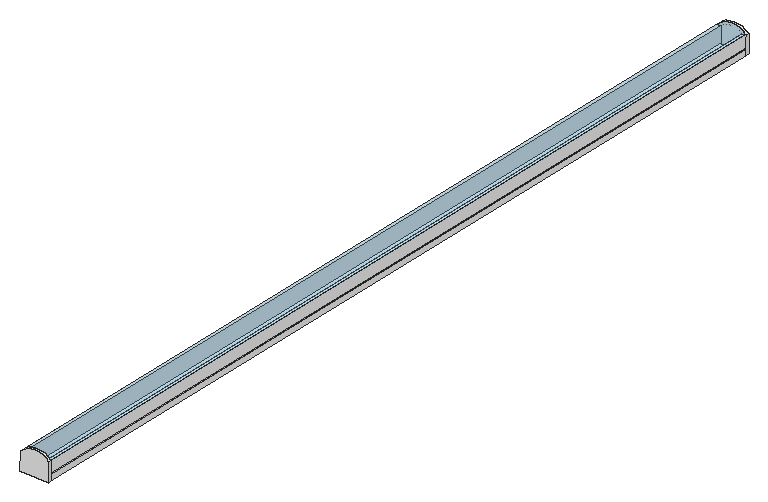
Revit family "LLED9100-4RF", category Lighting Fixtures, Revit 2017
Family settings
  Round Connector Dimension = Use Diameter
  Part Type = Normal
  OmniClass Number = 23.80.70.00
  OmniClass Title = Lighting
  Work Plane-Based = Yes
  Always vertical = Yes
  Cut with Voids When Loaded = No
  Light Source = Yes
  Shared = No
  Room Calculation Point = No
Parameters (values of type "LLED9100")
  Wattage = 9.2903 W
  built-in parameter 1150110 = 1 (stored number, unit not read)
  built-in parameter 1114217 = 1 (stored number, unit not read)
  Tilt Angle = 60.00°
  built-in parameter 1150109 = 1 (stored number, unit not read)
  built-in parameter 1150134 = 3
  built-in parameter 1150113 = 1 (stored number, unit not read)
  Photometric Web File = "generic"
  built-in parameter 1150142 = (empty or 0)
  built-in parameter 1150105 = 109.82 (stored number, unit not read)
  Lumens = 1380 lm
  built-in parameter 1150115 = 1 (stored number, unit not read)
  built-in parameter 1150137 = (empty or 0)
  built-in parameter 1150139 = (empty or 0)
  Length = 24.00"
  built-in parameter 1150112 = 1 (stored number, unit not read)
  built-in parameter 1150114 = 1 (stored number, unit not read)
  built-in parameter 1150132 = (empty or 0)
  built-in parameter 1150102 = (empty or 0)
  built-in parameter 1150107 = 3200 (stored number, unit not read)
  built-in parameter 1150138 = (empty or 0)
  built-in parameter 1150106 = 1.0982 (stored number, unit not read)
  Fixture Cap = Fixture Cap
  Fixture = Fixture
  Emit from Line Length = Length  # 24.00"
  built-in parameter 1150104 = 13.8 (stored number, unit not read)
  Dimming Lamp Color Temperature Shift = <None>
  Default Elevation = 48.00"
  Color Filter = 16777215
  built-in parameter 1114218 = 1 (stored number, unit not read)
  built-in parameter 1150133 = 10 (stored number, unit not read)
Reference planes (in)
  plane 1 "Light Source Axis (F/B)": y = 0
  plane 2: z = 0
  plane 3 "Light Source Axis (L/R)": x = 0
  plane 4 "Light Source Elevation": z = 80
  plane 5: y = 12
  plane 6: y = -12
  plane 7: y = 12.08062
  plane 8: y = -12.08063
Forms (in)
  Extrusion 1, solid, material "Fixture" <- "Fixture"
    sketch origin (-0.45508, 0, -0.07812) x (1, 0, 0) y (0, 0, 1)
      loop
        line (0.45508, 0.07812) -> (1.24616, 0.07812) -> (1.24616, 0.22802) -> (1.21508, 0.22802) -> (1.21508, 0.27812) -> (1.24616, 0.27812) -> (1.24616, 0.57812) -> (1.14645, 0.57812) -> (1.14645, 0.1381) -> (0.55479, 0.1381) -> (0.55479, 0.57812) -> (0.45508, 0.57812) -> (0.45508, 0.27812) -> (0.48616, 0.27812) -> (0.48616, 0.22802) -> (0.45508, 0.22802) -> (0.45508, 0.07812)
    from -12 to 12
  Extrusion 2, solid, material "Fixture Cap" <- "Fixture Cap"
    sketch origin (-0.45508, -4.28688, -0.42187) x (1, 0, 0) y (0, 0, -1)
      loop
        line (1.24616, -0.92187) -> (1.24616, -0.42187) -> (0.45508, -0.42187) -> (0.45508, -0.92187)
        arc (0.45508, -0.92187) -> (0.85062, -1.08662) -> (1.24616, -0.92187) r 0.55719
    from 16.3675 to 16.28688
  Extrusion 3, solid, material "Glass"
    sketch origin (-0.00195, 0, 0) x (1, 0, 0) y (0, 0, 1)
      loop
        arc (0.79303, 0.5) -> (0.39749, 0.66475) -> (0.00195, 0.5) r 0.55719
        line (0.00195, 0.5) -> (0.10166, 0.5)
        arc (0.10166, 0.5) -> (0.39749, 0.60278) -> (0.69332, 0.5) r 0.47714
        line (0.69332, 0.5) -> (0.79303, 0.5)
    from -12 to 12
  Extrusion 4, solid, material "Fixture Cap" <- "Fixture Cap"
    sketch origin (-0.45508, 4.28688, -0.42187) x (1, 0, 0) y (0, 0, 1)
      loop
        line (0.45508, 0.42187) -> (1.24616, 0.42187) -> (1.24616, 0.92187)
        arc (1.24616, 0.92187) -> (0.85062, 1.08662) -> (0.45508, 0.92187) r 0.55719
        line (0.45508, 0.92187) -> (0.45508, 0.42187)
    from 16.3675 to 16.28688
Dimensions and locks (in)
  equal spacing: plane 5, plane 1 "Light Source Axis (F/B)", plane 6
  "Length": plane 5 to plane 6
  locked: plane 6 to plane 8 at 0.08063
  locked: plane 7 to plane 5 at 0.08062
  Extrusion 4 to Extrusion 4 = 0.66475"
  Extrusion 4 to Extrusion 4 = 0.79108"
  aligned and locked: level to plane 2
  aligned and locked: Extrusion 1 to plane 6
  aligned and locked: plane 5 to Extrusion 1
  aligned and locked: plane 5 to Extrusion 3  (x2)
  aligned and locked: Extrusion 3 to plane 6
  aligned and locked: plane 7 to Extrusion 2
  aligned and locked: Extrusion 2 to plane 5
  aligned and locked: Extrusion 1 to Extrusion 2
  aligned and locked: Extrusion 3 to Extrusion 2  (x5)
  aligned and locked: Extrusion 2 to plane 7  (x4)
  aligned and locked: plane 5 to Extrusion 2  (x3)
  aligned and locked: plane 6 to Extrusion 4  (x2)
  aligned and locked: Extrusion 4 to plane 8  (x2)
  aligned and locked: Extrusion 3 to Extrusion 4  (x2)
  aligned and locked: Extrusion 3 to plane 5
  aligned and locked: Extrusion 3 to Extrusion 1
  aligned and locked: Extrusion 2 to Extrusion 1  (x3)
  aligned and locked: plane 8 to Extrusion 4
  aligned and locked: Extrusion 4 to plane 6  (x2)
  aligned and locked: Extrusion 1 to Extrusion 4
  aligned and locked: Extrusion 4 to Extrusion 1  (x4)
  aligned and locked: Extrusion 2 to Extrusion 3
Automatic sketch dimensions
  Extrusion 4 sketch curve to level = 0.00"
  Extrusion 4 sketch curve to plane 3 "Light Source Axis (L/R)" = 0.00"
  level to Extrusion 4 sketch curve = 0.10756"
  Extrusion 4 sketch curve to Extrusion 4 sketch curve = 0.39554"
  level to Extrusion 4 sketch curve = 0.50"
  plane 3 "Light Source Axis (L/R)" to Extrusion 4 sketch curve = 0.39554"
  Extrusion 1 sketch curve to plane 3 "Light Source Axis (L/R)" = 0.00"  (x2)
  Extrusion 1 sketch curve to level = 0.00"
  plane 3 "Light Source Axis (L/R)" to Extrusion 1 sketch curve = 0.03108"
  plane 3 "Light Source Axis (L/R)" to Extrusion 1 sketch curve = 0.09971"
  level to Extrusion 1 sketch curve = 0.05997"
  Extrusion 1 sketch curve to Extrusion 1 sketch curve = 0.59166"
  Extrusion 1 sketch curve to Extrusion 1 sketch curve = 0.06863"
  Extrusion 1 sketch curve to Extrusion 1 sketch curve = 0.09971"
  Extrusion 1 sketch curve to Extrusion 1 sketch curve = 0.03108"
  Extrusion 1 sketch curve to Extrusion 1 sketch curve = 0.08992"  (x2)
  Extrusion 1 sketch curve to Extrusion 1 sketch curve = 0.0501"  (x2)
  Extrusion 1 sketch curve to Extrusion 1 sketch curve = 0.30"  (x2)
  Extrusion 2 sketch curve to plane 3 "Light Source Axis (L/R)" = 0.00"
  level to Extrusion 2 sketch curve = 0.10756"
  plane 3 "Light Source Axis (L/R)" to Extrusion 2 sketch curve = 0.39554"
  Extrusion 2 sketch curve to Extrusion 2 sketch curve = 0.39554"
  level to Extrusion 2 sketch curve = 0.50"
  Extrusion 2 sketch curve to level = 0.00"
  Extrusion 3 sketch curve to plane 3 "Light Source Axis (L/R)" = 0.00"
  level to Extrusion 3 sketch curve = 0.12564"
  plane 3 "Light Source Axis (L/R)" to Extrusion 3 sketch curve = 0.39554"
  Extrusion 3 sketch curve to Extrusion 3 sketch curve = 0.00"
  Extrusion 3 sketch curve to Extrusion 3 sketch curve = 0.01808"
  level to Extrusion 3 sketch curve = 0.50"
  Extrusion 3 sketch curve to Extrusion 3 sketch curve = 0.09971"  (x2)
